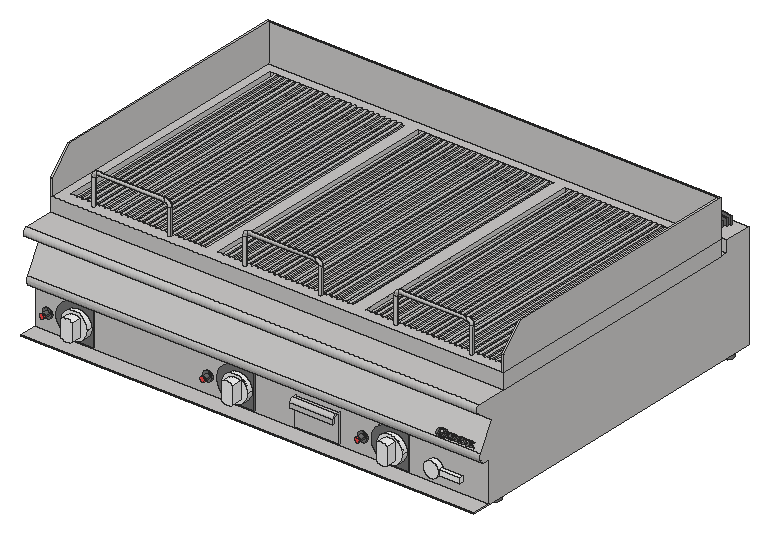
Revit family "QF_GIORIK_GL96TV", category Specialty Equipment, Revit 2014
Parameters (values of type "GL96TV")
  Weight in Pounds = 220.462
  Waste Water Discharge Temperature [instance] = 0 °C
  URL Cutsheet = "www.giorik.com"
  URL = "www.giorik.com"
  Status [instance] = ""
  Specification by User [instance] = ""
  Specification by Manufacturer = ""
  Show Logo [instance] = yes
  Show Clearance [instance] = yes
  Serial Number = ""
  Seismic Rating = ""
  SMACNA No = ""
  Revision Code [instance] = ""
  Plumbing Remarks [instance] = ""
  Plumbing Connection Type [instance] = ""
  NAFEM Spec ID Number = ""
  Model = "GL96TV"
  Masterspec = ""
  Manufacturer = "GIORIK"
  Item Number [instance] = ""
  Installed By [instance] = ""
  Indirect Waste Size = 2 1/2"
  Indirect Waste Flow = 0.0 L/s
  Indirect Waste Connection Type [instance] = ""
  Indirect Waste Connection Height [instance] = 20 mm
  Identify Quantity as Lot [instance] = no
  Gas Size = 1"
  Gas RI Height [instance] = 0 mm
  Gas KW = 33
  Gas Input = 33000 W
  Gas Connection Height [instance] = 20 mm
  Furnished By [instance] = ""
  Foodservice Equipment Identifier [instance] = yes
  Description = "GAS STEAMGRILL"
  Cold Water Temperature Recommended = 0 °C
  Cold Water Size = 1"
  Cold Water RI Height [instance] = 20 mm
  Cold Water Minimum Pressure = 20000.0 Pa
  Cold Water Maximum Pressure = 50000.0 Pa
  Cold Water Flow [instance] = 0.0 L/s
  Cold Water Consumption [instance] = ""
  Cold Water Connection Height [instance] = 20 mm
  CSI MasterFormat = ""
  Assembly Code = "E1090320"
Reference planes
  plane 1 "Back": y = 0
  plane 2: z = 0
  plane 3 "Left": x = 0
  plane 4 "Right": x = 1200
  plane 5 "Front": y = -920
  plane 6 "Top": z = 300
Forms (mm)
  Extrusion 1, solid, visible <- "Show Logo"
    sketch origin (986.604, -908.674, 117.684) x (-1, 0, 0) y (0, 0.515038, 0.857167)
      loop
        line (-118.824, 58.358) -> (-127.804, 58.358) -> (-125.523, 56.445) -> (-125.523, 48.027) -> (-127.804, 46.113) -> (-118.824, 46.113) -> (-121.105, 48.027) -> (-121.105, 56.445) -> (-118.824, 58.358)
      loop
        line (-163.721, 58.358) -> (-172.7, 58.358) -> (-170.42, 56.445) -> (-170.42, 48.027) -> (-172.7, 46.113) -> (-163.721, 46.113) -> (-166.001, 48.027) -> (-166.001, 56.445) -> (-163.721, 58.358)
      loop
        line (-174.332, 58.358) -> (-183.312, 58.358) -> (-181.031, 56.445) -> (-181.031, 52.435) -> (-186.419, 56.955) -> (-184.416, 58.358) -> (-191.268, 58.358) -> (-188.01, 56.839) -> (-185.455, 54.283) -> (-190.846, 47.858) -> (-193.396, 46.93) -> (-193.396, 46.113) -> (-184.416, 46.113) -> (-185.437, 47.571) -> (-182.443, 51.552) -> (-181.031, 50.894) -> (-181.031, 48.027) -> (-183.312, 46.113) -> (-174.332, 46.113) -> (-176.613, 48.027) -> (-176.613, 56.445) -> (-174.332, 58.358)
      loop
        line (-115.429, 62.063) -> (-115.429, 54.198)
        arc (-115.429, 54.198) -> (-111.618, 57.803) -> (-106.847, 59.986) r 16.039
        arc (-106.847, 59.986) -> (-103.314, 59.837) -> (-100.512, 57.68) r 5.851
        arc (-100.512, 57.68) -> (-98.815, 52.267) -> (-100.512, 46.853) r 9.479
        arc (-100.512, 46.853) -> (-102.406, 44.986) -> (-104.846, 43.93) r 7.236
        arc (-104.846, 43.93) -> (-107.728, 44.111) -> (-110.052, 45.825) r 5.11
        line (-110.052, 45.825) -> (-110.052, 52.001) -> (-116.141, 52.001) -> (-116.141, 45.503) -> (-117.893, 43.751) -> (-114.094, 44.769)
        arc (-114.094, 44.769) -> (-112.56, 44.947) -> (-111.129, 44.366) r 3.115
        arc (-111.129, 44.366) -> (-104.216, 42.091) -> (-97.303, 44.366) r 11.641
        arc (-97.303, 44.366) -> (-93.396, 52.107) -> (-97.303, 59.849) r 9.622
        arc (-97.303, 59.849) -> (-104.369, 62.174) -> (-111.435, 59.849) r 11.898
        line (-111.435, 59.849) -> (-115.429, 62.063)
      loop
        arc (-129.234, 56.068) -> (-135.893, 58.628) -> (-142.552, 56.068) r 9.941
        arc (-142.552, 56.068) -> (-144.234, 52.286) -> (-142.552, 48.505) r 5.093
        arc (-142.552, 48.505) -> (-135.893, 45.945) -> (-129.234, 48.505) r 9.941
        arc (-129.234, 48.505) -> (-127.552, 52.286) -> (-129.234, 56.068) r 5.093
      loop
        arc (-132.628, 54.403) -> (-135.893, 57.668) -> (-139.158, 54.403) r 3.265
        line (-139.158, 54.403) -> (-139.158, 50.169)
        arc (-139.158, 50.169) -> (-135.893, 46.904) -> (-132.628, 50.169) r 3.265
        line (-132.628, 50.169) -> (-132.628, 54.403)
      loop
        arc (-156.363, 58.365) -> (-159.647, 55.081) -> (-156.363, 51.796) r 3.285
        line (-156.363, 51.796) -> (-159.529, 47.306) -> (-162.087, 46.113) -> (-155.847, 46.113) -> (-153.529, 51.083) -> (-150.637, 51.083) -> (-150.637, 47.784) -> (-153.022, 46.113) -> (-144.011, 46.113) -> (-146.094, 47.68) -> (-146.094, 56.493) -> (-144.229, 58.365) -> (-156.363, 58.365)
      loop
        line (-150.637, 57.512) -> (-153.637, 57.512)
        arc (-153.637, 57.512) -> (-156.237, 54.912) -> (-153.637, 52.312) r 2.6
        line (-153.637, 52.312) -> (-150.637, 52.312) -> (-150.637, 57.512)
      loop
        line (-108.924, 52.001) -> (-104.936, 49.005) -> (-100.948, 52.001) -> (-108.924, 52.001)
    from 1.5 to -0.5
  Extrusion 2, solid
    sketch origin (-4, 0, 5) x (1, 0, 0) y (0, 1, 0)
      loop
        circle (54, -385) r 12.5
    from 0 to 15
  Extrusion 3, solid
    sketch origin (0, 800, -620) x (0, 1, 0) y (0, 0, 1)
      loop
        line (-800, 919.988) -> (-870, 919.988) -> (-870, 889.988) -> (-1688.806, 889.988)
        arc (-1688.806, 889.988) -> (-1699.151, 883.075) -> (-1696.724, 870.873) r 11.197
        line (-1696.724, 870.873) -> (-1647.575, 836.458) -> (-1686.203, 772.171)
        arc (-1686.203, 772.171) -> (-1687.435, 755.768) -> (-1675, 745) r 18.302
        line (-1675, 745) -> (-1660, 745) -> (-1660, 640) -> (-800, 640) -> (-800, 919.988)
    from 0 to 1200
  Extrusion 4, solid
    sketch origin (-308.221, -812, -651.25) x (1, 0, 0) y (0, 0, 1)
      loop
        line (463.221, 676.25) -> (463.221, 766.25) -> (409.698, 766.25)
        arc (409.698, 766.25) -> (364.698, 721.25) -> (409.698, 676.25) r 45
        line (409.698, 676.25) -> (463.221, 676.25)
    from 48 to 50
  Extrusion 5, solid
    sketch origin (466.331, -860.641, -651.634) x (-1, 0, 0) y (0, -0.000888, -1)
      loop
        circle (351.331, -721.346) r 35
    from 0 to 15
  Extrusion 6, solid
    sketch origin (466.331, -860.641, -651.634) x (-1, 0, 0) y (0, -0.000888, -1)
      loop
        arc (336.331, -743.846) -> (351.331, -748.846) -> (366.331, -743.846) r 25
        line (366.331, -743.846) -> (366.331, -698.846)
        arc (366.331, -698.846) -> (351.331, -693.846) -> (336.331, -698.846) r 25
        line (336.331, -698.846) -> (336.331, -743.846)
    from 15 to 40
  Extrusion 7, solid
    sketch origin (-94, 0, -610.001) x (1, 0, 0) y (0, 0, 1)
      loop
        line (135, 909.989) -> (453, 909.989) -> (453, 925.527) -> (347.056, 931.749) -> (240.944, 931.749) -> (135, 925.527) -> (135, 909.989)
    from 32 to 35
  Extrusion 8, solid
    sketch origin (-92, 10, -610.001) x (1, 0, 0) y (0, 0, 1)
      loop
        line (454, 909.989) -> (454, 928.527) -> (346.162, 939.193) -> (237.838, 939.193) -> (130, 928.527) -> (130, 909.989) -> (454, 909.989)
    from 32 to 35
  Extrusion 9, solid
    sketch origin (-90, 20, -610.001) x (1, 0, 0) y (0, 0, 1)
      loop
        line (455, 909.989) -> (455, 930.527) -> (345.396, 947.413) -> (234.604, 947.413) -> (125, 930.527) -> (125, 909.989) -> (455, 909.989)
    from 32 to 35
  Extrusion 10, solid
    sketch origin (0, -200, -600) x (0, 1, 0) y (0, 0, 1)
      loop
        line (110, 909.988) -> (110, 1009.988) -> (-551.877, 1009.988) -> (-610, 951.864) -> (-610, 909.988) -> (110, 909.988)
    from 0 to 5
  Extrusion 11, solid
    sketch origin (0, -90, -600) x (1, 0, 0) y (0, 0, 1)
      loop
        line (5, 1009.988) -> (5, 909.988) -> (1195, 909.988) -> (1195, 1009.988) -> (5, 1009.988)
    from 0 to 5
  Sweep 12, solid
    path origin (32.128, -787.463, 1256.207) x (0, 0, 1) y (-1, 0, 0)
      loop
        line (-946.207, -65.372) -> (-876.207, -65.372)
        arc (-876.207, -65.372) -> (-869.136, -68.301) -> (-866.207, -75.372) r 10
        line (-866.207, -75.372) -> (-866.207, -255.372)
        arc (-866.207, -255.372) -> (-869.136, -262.443) -> (-876.207, -265.372) r 10
        line (-876.207, -265.372) -> (-946.207, -265.372)
    profile origin (97.5, -787.463, 345) x (-1, 0, 0) y (0, -1, 0)
      loop
        circle (0, 0) r 4
  Extrusion 13, solid
    sketch origin (1411.331, -860, -661.247) x (-1, 0, 0) y (0, 0, -1)
      loop
        circle (351.331, -721.221) r 20
    from 0 to 15
  Extrusion 14, solid
    sketch origin (780, -864, -662.044) x (1, 0, 0) y (0, 0, 1)
      loop
        line (275.18, 729.518) -> (275.18, 714.518) -> (355.18, 714.518) -> (355.18, 729.518) -> (275.18, 729.518)
    from 0 to 10
  Extrusion 15, solid
    sketch origin (552.347, -900, -540.1) x (0, 1, 0) y (0, 0, 1)
      loop
        line (40, 640.1) -> (30, 640.1)
        arc (30, 640.1) -> (22.929, 637.171) -> (20, 630.1) r 10
        line (20, 630.1) -> (20, 620.1) -> (22, 620.1) -> (22, 630.1)
        arc (22, 630.1) -> (24.343, 635.757) -> (30, 638.1) r 8
        line (30, 638.1) -> (38, 638.1) -> (38, 565.1) -> (40, 565.1) -> (40, 640.1)
    from 137.5 to 252.5
  Extrusion 16, solid
    sketch origin (422, 0, -25) x (0, 1, 0) y (-1, 0, 0)
      loop
        circle (-185, -308) r 12.7
    from 30 to 45
  Extrusion 17, solid
    sketch origin (831.75, -293, -25) x (0, 1, 0) y (-1, 0, 0)
      loop
        circle (-185, -308) r 6.35
    from 30 to 45
  Extrusion 18, solid
    sketch origin (0, -200, 300) x (0, 1, 0) y (-1, 0, 0)
      loop
        line (110, 0) -> (-610, 0) -> (-610, -1200) -> (110, -1200) -> (110, 0)
      loop
        line (80, -30) -> (-580, -30) -> (-580, -390) -> (80, -390) -> (80, -30)
      loop
        line (79.933, -420) -> (-580, -420) -> (-580, -780) -> (79.933, -780) -> (79.933, -420)
      loop
        line (80.011, -810) -> (-580, -810) -> (-580, -1170) -> (80.011, -1170) -> (80.011, -810)
    from -30.012 to 9.988
  Extrusion 19, solid
    sketch origin (-5, -200, -600) x (1, 0, 0) y (0, 0, 1)
      loop
        circle (50, 906.988) r 3
    from -80 to 580
  Extrusion 20, solid
    sketch origin (10, -200, -600) x (1, 0, 0) y (0, 0, 1)
      loop
        circle (50, 906.988) r 3
    from -80 to 580
  Extrusion 21, solid
    sketch origin (25, -200, -600) x (1, 0, 0) y (0, 0, 1)
      loop
        circle (50, 906.988) r 3
    from -80 to 580
  Extrusion 22, solid
    sketch origin (40, -200, -600) x (1, 0, 0) y (0, 0, 1)
      loop
        circle (50, 906.988) r 3
    from -80 to 580
  Extrusion 23, solid
    sketch origin (55, -200, -600) x (1, 0, 0) y (0, 0, 1)
      loop
        circle (50, 906.988) r 3
    from -80 to 580
  Extrusion 24, solid
    sketch origin (70, -200, -600) x (1, 0, 0) y (0, 0, 1)
      loop
        circle (50, 906.988) r 3
    from -80 to 580
  Extrusion 25, solid
    sketch origin (85, -200, -600) x (1, 0, 0) y (0, 0, 1)
      loop
        circle (50, 906.988) r 3
    from -80 to 580
  Extrusion 26, solid
    sketch origin (100, -200, -600) x (1, 0, 0) y (0, 0, 1)
      loop
        circle (50, 906.988) r 3
    from -80 to 580
  Extrusion 27, solid
    sketch origin (115, -200, -600) x (1, 0, 0) y (0, 0, 1)
      loop
        circle (50, 906.988) r 3
    from -80 to 580
  Extrusion 28, solid
    sketch origin (130, -200, -600) x (1, 0, 0) y (0, 0, 1)
      loop
        circle (50, 906.988) r 3
    from -80 to 580
  Extrusion 29, solid
    sketch origin (145, -200, -600) x (1, 0, 0) y (0, 0, 1)
      loop
        circle (50, 906.988) r 3
    from -80 to 580
  Extrusion 30, solid
    sketch origin (160, -200, -600) x (1, 0, 0) y (0, 0, 1)
      loop
        circle (50, 906.988) r 3
    from -80 to 580
  Extrusion 31, solid
    sketch origin (175, -200, -600) x (1, 0, 0) y (0, 0, 1)
      loop
        circle (50, 906.988) r 3
    from -80 to 580
  Extrusion 32, solid
    sketch origin (190, -200, -600) x (1, 0, 0) y (0, 0, 1)
      loop
        circle (50, 906.988) r 3
    from -80 to 580
  Extrusion 33, solid
    sketch origin (205, -200, -600) x (1, 0, 0) y (0, 0, 1)
      loop
        circle (50, 906.988) r 3
    from -80 to 580
  Extrusion 34, solid
    sketch origin (220, -200, -600) x (1, 0, 0) y (0, 0, 1)
      loop
        circle (50, 906.988) r 3
    from -80 to 580
  Extrusion 35, solid
    sketch origin (235, -200, -600) x (1, 0, 0) y (0, 0, 1)
      loop
        circle (50, 906.988) r 3
    from -80 to 580
  Extrusion 36, solid
    sketch origin (250, -200, -600) x (1, 0, 0) y (0, 0, 1)
      loop
        circle (50, 906.988) r 3
    from -80 to 580
  Extrusion 37, solid
    sketch origin (265, -200, -600) x (1, 0, 0) y (0, 0, 1)
      loop
        circle (50, 906.988) r 3
    from -80 to 580
  Extrusion 38, solid
    sketch origin (280, -200, -600) x (1, 0, 0) y (0, 0, 1)
      loop
        circle (50, 906.988) r 3
    from -80 to 580
  Extrusion 39, solid
    sketch origin (295, -200, -600) x (1, 0, 0) y (0, 0, 1)
      loop
        circle (50, 906.988) r 3
    from -80 to 580
  Extrusion 40, solid
    sketch origin (0, -860, -600) x (1, 0, 0) y (0, 0, 1)
      loop
        line (0, 620) -> (1200, 620) -> (1200, 622) -> (0, 622) -> (0, 620)
    from 0 to 50
  Extrusion 41, solid
    sketch origin (-6.142, -835.246, -647.152) x (1, 0, 0) y (0, 0.000339, 1)
      loop
        circle (38.702, 711.666) r 12.5
    from 25 to 27
  Extrusion 42, solid
    sketch origin (-732.35, -862.248, -653.566) x (1, 0, 0) y (0, 0.000339, 1)
      loop
        circle (764.91, 718.089) r 6
    from 0 to 15
  Extrusion 43, solid
    sketch origin (-732.35, -863.41, -653.565) x (1, 0, 0) y (0, 0.000339, 1)
      loop
        circle (764.91, 718.089) r 6
    from 13.838 to 15.838
  Extrusion 44, solid
    sketch origin (1195, -200, -600) x (0, 1, 0) y (0, 0, 1)
      loop
        line (110, 909.988) -> (110, 1009.988) -> (-551.877, 1009.988) -> (-610, 951.864) -> (-610, 909.988) -> (110, 909.988)
    from 0 to 5
  Extrusion 45, solid
    sketch origin (306, 0, -610.001) x (1, 0, 0) y (0, 0, 1)
      loop
        line (135, 909.989) -> (453, 909.989) -> (453, 925.527) -> (347.056, 931.749) -> (240.944, 931.749) -> (135, 925.527) -> (135, 909.989)
    from 32 to 35
  Extrusion 46, solid
    sketch origin (308, 10, -610.001) x (1, 0, 0) y (0, 0, 1)
      loop
        line (454, 909.989) -> (454, 928.527) -> (346.162, 939.193) -> (237.838, 939.193) -> (130, 928.527) -> (130, 909.989) -> (454, 909.989)
    from 32 to 35
  Extrusion 47, solid
    sketch origin (310, 20, -610.001) x (1, 0, 0) y (0, 0, 1)
      loop
        line (455, 909.989) -> (455, 930.527) -> (345.396, 947.413) -> (234.604, 947.413) -> (125, 930.527) -> (125, 909.989) -> (455, 909.989)
    from 32 to 35
  Sweep 48, solid
    path origin (432.128, -787.463, 1256.207) x (0, 0, 1) y (-1, 0, 0)
      loop
        line (-946.207, -65.372) -> (-876.207, -65.372)
        arc (-876.207, -65.372) -> (-869.136, -68.301) -> (-866.207, -75.372) r 10
        line (-866.207, -75.372) -> (-866.207, -255.372)
        arc (-866.207, -255.372) -> (-869.136, -262.443) -> (-876.207, -265.372) r 10
        line (-876.207, -265.372) -> (-946.207, -265.372)
    profile origin (497.5, -787.463, 345) x (-1, 0, 0) y (0, -1, 0)
      loop
        circle (0, 0) r 4
  Extrusion 49, solid
    sketch origin (310, -200, -600) x (1, 0, 0) y (0, 0, 1)
      loop
        circle (50, 906.988) r 3
    from -80 to 580
  Extrusion 50, solid
    sketch origin (306, 0, -610.001) x (1, 0, 0) y (0, 0, 1)
      loop
        line (135, 909.989) -> (453, 909.989) -> (453, 925.527) -> (347.056, 931.749) -> (240.944, 931.749) -> (135, 925.527) -> (135, 909.989)
    from 32 to 35
  Extrusion 51, solid
    sketch origin (308, 10, -610.001) x (1, 0, 0) y (0, 0, 1)
      loop
        line (454, 909.989) -> (454, 928.527) -> (346.162, 939.193) -> (237.838, 939.193) -> (130, 928.527) -> (130, 909.989) -> (454, 909.989)
    from 32 to 35
  Extrusion 52, solid
    sketch origin (310, 20, -610.001) x (1, 0, 0) y (0, 0, 1)
      loop
        line (455, 909.989) -> (455, 930.527) -> (345.396, 947.413) -> (234.604, 947.413) -> (125, 930.527) -> (125, 909.989) -> (455, 909.989)
    from 32 to 35
  Extrusion 53, solid
    sketch origin (116.779, -812, -651.25) x (1, 0, 0) y (0, 0, 1)
      loop
        line (463.221, 676.25) -> (463.221, 766.25) -> (409.698, 766.25)
        arc (409.698, 766.25) -> (364.698, 721.25) -> (409.698, 676.25) r 45
        line (409.698, 676.25) -> (463.221, 676.25)
    from 48 to 50
  Extrusion 54, solid
    sketch origin (891.331, -860.641, -651.634) x (-1, 0, 0) y (0, -0.000888, -1)
      loop
        circle (351.331, -721.346) r 35
    from 0 to 15
  Extrusion 55, solid
    sketch origin (891.331, -860.641, -651.634) x (-1, 0, 0) y (0, -0.000888, -1)
      loop
        arc (336.331, -743.846) -> (351.331, -748.846) -> (366.331, -743.846) r 25
        line (366.331, -743.846) -> (366.331, -698.846)
        arc (366.331, -698.846) -> (351.331, -693.846) -> (336.331, -698.846) r 25
        line (336.331, -698.846) -> (336.331, -743.846)
    from 15 to 40
  Extrusion 56, solid
    sketch origin (418.858, -835.246, -647.152) x (1, 0, 0) y (0, 0.000339, 1)
      loop
        circle (38.702, 711.666) r 12.5
    from 25 to 27
  Extrusion 57, solid
    sketch origin (-307.35, -862.248, -653.566) x (1, 0, 0) y (0, 0.000339, 1)
      loop
        circle (764.91, 718.089) r 6
    from 0 to 15
  Extrusion 58, solid
    sketch origin (-307.35, -863.41, -653.565) x (1, 0, 0) y (0, 0.000339, 1)
      loop
        circle (764.91, 718.089) r 6
    from 13.838 to 15.838
  Extrusion 59, solid
    sketch origin (526.779, -812, -651.25) x (1, 0, 0) y (0, 0, 1)
      loop
        line (463.221, 676.25) -> (463.221, 766.25) -> (409.698, 766.25)
        arc (409.698, 766.25) -> (364.698, 721.25) -> (409.698, 676.25) r 45
        line (409.698, 676.25) -> (463.221, 676.25)
    from 48 to 50
  Extrusion 60, solid
    sketch origin (1301.331, -860.641, -651.634) x (-1, 0, 0) y (0, -0.000888, -1)
      loop
        circle (351.331, -721.346) r 35
    from 0 to 15
  Extrusion 61, solid
    sketch origin (1301.331, -860.641, -651.634) x (-1, 0, 0) y (0, -0.000888, -1)
      loop
        arc (336.331, -743.846) -> (351.331, -748.846) -> (366.331, -743.846) r 25
        line (366.331, -743.846) -> (366.331, -698.846)
        arc (366.331, -698.846) -> (351.331, -693.846) -> (336.331, -698.846) r 25
        line (336.331, -698.846) -> (336.331, -743.846)
    from 15 to 40
  Extrusion 62, solid
    sketch origin (828.858, -835.246, -647.152) x (1, 0, 0) y (0, 0.000339, 1)
      loop
        circle (38.702, 711.666) r 12.5
    from 25 to 27
  Extrusion 63, solid
    sketch origin (102.65, -862.248, -653.566) x (1, 0, 0) y (0, 0.000339, 1)
      loop
        circle (764.91, 718.089) r 6
    from 0 to 15
  Extrusion 64, solid
    sketch origin (102.65, -863.41, -653.565) x (1, 0, 0) y (0, 0.000339, 1)
      loop
        circle (764.91, 718.089) r 6
    from 13.838 to 15.838
  Extrusion 65, solid
    sketch origin (706, 0, -610.001) x (1, 0, 0) y (0, 0, 1)
      loop
        line (135, 909.989) -> (453, 909.989) -> (453, 925.527) -> (347.056, 931.749) -> (240.944, 931.749) -> (135, 925.527) -> (135, 909.989)
    from 32 to 35
  Extrusion 66, solid
    sketch origin (708, 10, -610.001) x (1, 0, 0) y (0, 0, 1)
      loop
        line (454, 909.989) -> (454, 928.527) -> (346.162, 939.193) -> (237.838, 939.193) -> (130, 928.527) -> (130, 909.989) -> (454, 909.989)
    from 32 to 35
  Extrusion 67, solid
    sketch origin (710, 20, -610.001) x (1, 0, 0) y (0, 0, 1)
      loop
        line (455, 909.989) -> (455, 930.527) -> (345.396, 947.413) -> (234.604, 947.413) -> (125, 930.527) -> (125, 909.989) -> (455, 909.989)
    from 32 to 35
  Sweep 68, solid
    path origin (832.128, -787.463, 1256.207) x (0, 0, 1) y (-1, 0, 0)
      loop
        line (-946.207, -65.372) -> (-876.207, -65.372)
        arc (-876.207, -65.372) -> (-869.136, -68.301) -> (-866.207, -75.372) r 10
        line (-866.207, -75.372) -> (-866.207, -255.372)
        arc (-866.207, -255.372) -> (-869.136, -262.443) -> (-876.207, -265.372) r 10
        line (-876.207, -265.372) -> (-946.207, -265.372)
    profile origin (897.5, -787.463, 345) x (-1, 0, 0) y (0, -1, 0)
      loop
        circle (0, 0) r 4
  Extrusion 69, solid
    sketch origin (706, 0, -610.001) x (1, 0, 0) y (0, 0, 1)
      loop
        line (135, 909.989) -> (453, 909.989) -> (453, 925.527) -> (347.056, 931.749) -> (240.944, 931.749) -> (135, 925.527) -> (135, 909.989)
    from 32 to 35
  Extrusion 70, solid
    sketch origin (708, 10, -610.001) x (1, 0, 0) y (0, 0, 1)
      loop
        line (454, 909.989) -> (454, 928.527) -> (346.162, 939.193) -> (237.838, 939.193) -> (130, 928.527) -> (130, 909.989) -> (454, 909.989)
    from 32 to 35
  Extrusion 71, solid
    sketch origin (710, 20, -610.001) x (1, 0, 0) y (0, 0, 1)
      loop
        line (455, 909.989) -> (455, 930.527) -> (345.396, 947.413) -> (234.604, 947.413) -> (125, 930.527) -> (125, 909.989) -> (455, 909.989)
    from 32 to 35
  Extrusion 72, solid
    sketch origin (706, 0, -610.001) x (1, 0, 0) y (0, 0, 1)
      loop
        line (135, 909.989) -> (453, 909.989) -> (453, 925.527) -> (347.056, 931.749) -> (240.944, 931.749) -> (135, 925.527) -> (135, 909.989)
    from 32 to 35
  Extrusion 73, solid
    sketch origin (708, 10, -610.001) x (1, 0, 0) y (0, 0, 1)
      loop
        line (454, 909.989) -> (454, 928.527) -> (346.162, 939.193) -> (237.838, 939.193) -> (130, 928.527) -> (130, 909.989) -> (454, 909.989)
    from 32 to 35
  Extrusion 74, solid
    sketch origin (710, 20, -610.001) x (1, 0, 0) y (0, 0, 1)
      loop
        line (455, 909.989) -> (455, 930.527) -> (345.396, 947.413) -> (234.604, 947.413) -> (125, 930.527) -> (125, 909.989) -> (455, 909.989)
    from 32 to 35
  Extrusion 75, solid
    sketch origin (706, 0, -610.001) x (1, 0, 0) y (0, 0, 1)
      loop
        line (135, 909.989) -> (453, 909.989) -> (453, 925.527) -> (347.056, 931.749) -> (240.944, 931.749) -> (135, 925.527) -> (135, 909.989)
    from 32 to 35
  Extrusion 76, solid
    sketch origin (708, 10, -610.001) x (1, 0, 0) y (0, 0, 1)
      loop
        line (454, 909.989) -> (454, 928.527) -> (346.162, 939.193) -> (237.838, 939.193) -> (130, 928.527) -> (130, 909.989) -> (454, 909.989)
    from 32 to 35
  Extrusion 77, solid
    sketch origin (710, 20, -610.001) x (1, 0, 0) y (0, 0, 1)
      loop
        line (455, 909.989) -> (455, 930.527) -> (345.396, 947.413) -> (234.604, 947.413) -> (125, 930.527) -> (125, 909.989) -> (455, 909.989)
    from 32 to 35
  Extrusion 78, solid
    sketch origin (325, -200, -600) x (1, 0, 0) y (0, 0, 1)
      loop
        circle (50, 906.988) r 3
    from -80 to 580
  Extrusion 79, solid
    sketch origin (385, -200, -600) x (1, 0, 0) y (0, 0, 1)
      loop
        circle (50, 906.988) r 3
    from -80 to 580
  Extrusion 80, solid
    sketch origin (400, -200, -600) x (1, 0, 0) y (0, 0, 1)
      loop
        circle (50, 906.988) r 3
    from -80 to 580
  Extrusion 81, solid
    sketch origin (415, -200, -600) x (1, 0, 0) y (0, 0, 1)
      loop
        circle (50, 906.988) r 3
    from -80 to 580
  Extrusion 82, solid
    sketch origin (430, -200, -600) x (1, 0, 0) y (0, 0, 1)
      loop
        circle (50, 906.988) r 3
    from -80 to 580
  Extrusion 83, solid
    sketch origin (445, -200, -600) x (1, 0, 0) y (0, 0, 1)
      loop
        circle (50, 906.988) r 3
    from -80 to 580
  Extrusion 84, solid
    sketch origin (460, -200, -600) x (1, 0, 0) y (0, 0, 1)
      loop
        circle (50, 906.988) r 3
    from -80 to 580
  Extrusion 85, solid
    sketch origin (475, -200, -600) x (1, 0, 0) y (0, 0, 1)
      loop
        circle (50, 906.988) r 3
    from -80 to 580
  Extrusion 86, solid
    sketch origin (490, -200, -600) x (1, 0, 0) y (0, 0, 1)
      loop
        circle (50, 906.988) r 3
    from -80 to 580
  Extrusion 87, solid
    sketch origin (505, -200, -600) x (1, 0, 0) y (0, 0, 1)
      loop
        circle (50, 906.988) r 3
    from -80 to 580
  Extrusion 88, solid
    sketch origin (520, -200, -600) x (1, 0, 0) y (0, 0, 1)
      loop
        circle (50, 906.988) r 3
    from -80 to 580
  Extrusion 89, solid
    sketch origin (535, -200, -600) x (1, 0, 0) y (0, 0, 1)
      loop
        circle (50, 906.988) r 3
    from -80 to 580
  Extrusion 90, solid
    sketch origin (550, -200, -600) x (1, 0, 0) y (0, 0, 1)
      loop
        circle (50, 906.988) r 3
    from -80 to 580
  Extrusion 91, solid
    sketch origin (565, -200, -600) x (1, 0, 0) y (0, 0, 1)
      loop
        circle (50, 906.988) r 3
    from -80 to 580
  Extrusion 92, solid
    sketch origin (580, -200, -600) x (1, 0, 0) y (0, 0, 1)
      loop
        circle (50, 906.988) r 3
    from -80 to 580
  Extrusion 93, solid
    sketch origin (595, -200, -600) x (1, 0, 0) y (0, 0, 1)
      loop
        circle (50, 906.988) r 3
    from -80 to 580
  Extrusion 94, solid
    sketch origin (610, -200, -600) x (1, 0, 0) y (0, 0, 1)
      loop
        circle (50, 906.988) r 3
    from -80 to 580
  Extrusion 95, solid
    sketch origin (625, -200, -600) x (1, 0, 0) y (0, 0, 1)
      loop
        circle (50, 906.988) r 3
    from -80 to 580
  Extrusion 96, solid
    sketch origin (640, -200, -600) x (1, 0, 0) y (0, 0, 1)
      loop
        circle (50, 906.988) r 3
    from -80 to 580
  Extrusion 97, solid
    sketch origin (655, -200, -600) x (1, 0, 0) y (0, 0, 1)
      loop
        circle (50, 906.988) r 3
    from -80 to 580
  Extrusion 98, solid
    sketch origin (670, -200, -600) x (1, 0, 0) y (0, 0, 1)
      loop
        circle (50, 906.988) r 3
    from -80 to 580
  Extrusion 99, solid
    sketch origin (685, -200, -600) x (1, 0, 0) y (0, 0, 1)
      loop
        circle (50, 906.988) r 3
    from -80 to 580
  Extrusion 100, solid
    sketch origin (700, -200, -600) x (1, 0, 0) y (0, 0, 1)
      loop
        circle (50, 906.988) r 3
    from -80 to 580
  Extrusion 101, solid
    sketch origin (715, -200, -600) x (1, 0, 0) y (0, 0, 1)
      loop
        circle (50, 906.988) r 3
    from -80 to 580
  Extrusion 102, solid
    sketch origin (775, -200, -600) x (1, 0, 0) y (0, 0, 1)
      loop
        circle (50, 906.988) r 3
    from -80 to 580
  Extrusion 103, solid
    sketch origin (790, -200, -600) x (1, 0, 0) y (0, 0, 1)
      loop
        circle (50, 906.988) r 3
    from -80 to 580
  Extrusion 104, solid
    sketch origin (805, -200, -600) x (1, 0, 0) y (0, 0, 1)
      loop
        circle (50, 906.988) r 3
    from -80 to 580
  Extrusion 105, solid
    sketch origin (820, -200, -600) x (1, 0, 0) y (0, 0, 1)
      loop
        circle (50, 906.988) r 3
    from -80 to 580
  Extrusion 106, solid
    sketch origin (835, -200, -600) x (1, 0, 0) y (0, 0, 1)
      loop
        circle (50, 906.988) r 3
    from -80 to 580
  Extrusion 107, solid
    sketch origin (850, -200, -600) x (1, 0, 0) y (0, 0, 1)
      loop
        circle (50, 906.988) r 3
    from -80 to 580
  Extrusion 108, solid
    sketch origin (865, -200, -600) x (1, 0, 0) y (0, 0, 1)
      loop
        circle (50, 906.988) r 3
    from -80 to 580
  Extrusion 109, solid
    sketch origin (880, -200, -600) x (1, 0, 0) y (0, 0, 1)
      loop
        circle (50, 906.988) r 3
    from -80 to 580
  Extrusion 110, solid
    sketch origin (895, -200, -600) x (1, 0, 0) y (0, 0, 1)
      loop
        circle (50, 906.988) r 3
    from -80 to 580
  Extrusion 111, solid
    sketch origin (910, -200, -600) x (1, 0, 0) y (0, 0, 1)
      loop
        circle (50, 906.988) r 3
    from -80 to 580
  Extrusion 112, solid
    sketch origin (925, -200, -600) x (1, 0, 0) y (0, 0, 1)
      loop
        circle (50, 906.988) r 3
    from -80 to 580
  Extrusion 113, solid
    sketch origin (940, -200, -600) x (1, 0, 0) y (0, 0, 1)
      loop
        circle (50, 906.988) r 3
    from -80 to 580
  Extrusion 114, solid
    sketch origin (955, -200, -600) x (1, 0, 0) y (0, 0, 1)
      loop
        circle (50, 906.988) r 3
    from -80 to 580
  Extrusion 115, solid
    sketch origin (970, -200, -600) x (1, 0, 0) y (0, 0, 1)
      loop
        circle (50, 906.988) r 3
    from -80 to 580
  Extrusion 116, solid
    sketch origin (985, -200, -600) x (1, 0, 0) y (0, 0, 1)
      loop
        circle (50, 906.988) r 3
    from -80 to 580
  Extrusion 117, solid
    sketch origin (1000, -200, -600) x (1, 0, 0) y (0, 0, 1)
      loop
        circle (50, 906.988) r 3
    from -80 to 580
  Extrusion 118, solid
    sketch origin (1015, -200, -600) x (1, 0, 0) y (0, 0, 1)
      loop
        circle (50, 906.988) r 3
    from -80 to 580
  Extrusion 119, solid
    sketch origin (1030, -200, -600) x (1, 0, 0) y (0, 0, 1)
      loop
        circle (50, 906.988) r 3
    from -80 to 580
  Extrusion 120, solid
    sketch origin (1045, -200, -600) x (1, 0, 0) y (0, 0, 1)
      loop
        circle (50, 906.988) r 3
    from -80 to 580
  Extrusion 121, solid
    sketch origin (1060, -200, -600) x (1, 0, 0) y (0, 0, 1)
      loop
        circle (50, 906.988) r 3
    from -80 to 580
  Extrusion 122, solid
    sketch origin (1075, -200, -600) x (1, 0, 0) y (0, 0, 1)
      loop
        circle (50, 906.988) r 3
    from -80 to 580
  Extrusion 123, solid
    sketch origin (1090, -200, -600) x (1, 0, 0) y (0, 0, 1)
      loop
        circle (50, 906.988) r 3
    from -80 to 580
  Extrusion 124, solid
    sketch origin (1105, -200, -600) x (1, 0, 0) y (0, 0, 1)
      loop
        circle (50, 906.988) r 3
    from -80 to 580
  Sweep 125, solid
    path origin (832.128, -787.463, 1256.207) x (0, 0, 1) y (-1, 0, 0)
      loop
        line (-946.207, -65.372) -> (-876.207, -65.372)
        arc (-876.207, -65.372) -> (-869.136, -68.301) -> (-866.207, -75.372) r 10
        line (-866.207, -75.372) -> (-866.207, -255.372)
        arc (-866.207, -255.372) -> (-869.136, -262.443) -> (-876.207, -265.372) r 10
        line (-876.207, -265.372) -> (-946.207, -265.372)
    profile origin (897.5, -787.463, 345) x (-1, 0, 0) y (0, -1, 0)
      loop
        circle (0, 0) r 4
  Extrusion 126, solid
    sketch origin (543.603, 45.293, -30) x (0, 1, 0) y (-1, 0, 0)
      loop
        circle (-79.293, 516.603) r 5
    from 41.965 to 50
  Revolve 127, solid
    sketch origin (27, 49.943, -600) x (0, 1, 0) y (0, 0, 1)
      loop
        line (-83.943, 611.965) -> (-94.752, 611.965) -> (-97.943, 600) -> (-83.943, 600) -> (-83.943, 611.965)
      axis (-83.943, 611.965) -> (-83.943, 600)
    angle from 0 to 360
  Extrusion 128, solid
    sketch origin (656.397, 45.293, -30) x (0, 1, 0) y (-1, 0, 0)
      loop
        circle (-79.293, -516.603) r 5
    from 41.965 to 50
  Revolve 129, solid
    sketch origin (1173, 49.943, -600) x (0, 1, 0) y (0, 0, -1)
      loop
        line (-83.943, -611.965) -> (-83.943, -600) -> (-97.943, -600) -> (-94.752, -611.965) -> (-83.943, -611.965)
      axis (-83.943, -611.965) -> (-83.943, -600)
    angle from 0 to 360
  Extrusion 130, solid
    sketch origin (543.603, -724.674, -30) x (0, 1, 0) y (-1, 0, 0)
      loop
        circle (-79.293, 516.603) r 5
    from 41.965 to 50
  Revolve 131, solid
    sketch origin (27, -720.025, -600) x (0, 1, 0) y (0, 0, 1)
      loop
        line (-83.943, 611.965) -> (-94.752, 611.965) -> (-97.943, 600) -> (-83.943, 600) -> (-83.943, 611.965)
      axis (-83.943, 611.965) -> (-83.943, 600)
    angle from 0 to 360
  Extrusion 132, solid
    sketch origin (656.397, -724.674, -30) x (0, 1, 0) y (-1, 0, 0)
      loop
        circle (-79.293, -516.603) r 5
    from 41.965 to 50
  Revolve 133, solid
    sketch origin (1173, -720.025, -600) x (0, 1, 0) y (0, 0, -1)
      loop
        line (-83.943, -611.965) -> (-83.943, -600) -> (-97.943, -600) -> (-94.752, -611.965) -> (-83.943, -611.965)
      axis (-83.943, -611.965) -> (-83.943, -600)
    angle from 0 to 360
Lines and regions (mm)
  symbolic lines, style "200-EquipBorder-2D"
    curve 1: line (0, -920, 0) -> (1200, -920, 0)
    curve 2: line (1200, -920, 0) -> (1200, 0, 0)
    curve 3: line (1200, 0, 0) -> (0, 0, 0)
    curve 4: line (0, 0, 0) -> (0, -920, 0)
  symbolic lines, style "200-EquipInternal-2D"
    curve 5: line (0, -70, 300) -> (1200, -70, 300)
    curve 6: line (35, -12, 900) -> (365, -12, 900)
    curve 7: line (365, -12, 900) -> (365, -15, 900)
    curve 8: line (365, -15, 900) -> (35, -15, 900)
    curve 9: line (35, -15, 900) -> (35, -12, 900)
    curve 10: line (38, -22, 900) -> (362, -22, 900)
    curve 11: line (362, -22, 900) -> (362, -25, 900)
    curve 12: line (362, -25, 900) -> (38, -25, 900)
    curve 13: line (38, -25, 900) -> (38, -22, 900)
    curve 14: line (41, -32, 900) -> (359, -32, 900)
    curve 15: line (359, -32, 900) -> (359, -35, 900)
    curve 16: line (359, -35, 900) -> (41, -35, 900)
    curve 17: line (41, -35, 900) -> (41, -32, 900)
    curve 18: line (5, -95, 300) -> (1195, -95, 300)
    curve 19: line (0, -90, 300) -> (1200, -90, 300)
    curve 20: line (1200, -90, 300) -> (1200, -810, 300)
    curve 21: line (1195, -810, 300) -> (1195, -95, 300)
    curve 22: line (5, -95, 300) -> (5, -810, 300)
    curve 23: line (0, -810, 300) -> (0, -90, 300)
    curve 24: line (0, -810, 300) -> (1200, -810, 300)
    curve 25: line (30, -780, 300) -> (30, -120, 300)
    curve 26: line (390, -120, 300) -> (390, -780, 300)
    curve 27: line (132, -120, 300) -> (132, -780, 300)
    curve 28: line (42, -780, 300) -> (42, -120, 300)
    curve 29: line (48, -780, 300) -> (48, -120, 300)
    curve 30: line (57, -120, 300) -> (57, -780, 300)
    curve 31: line (57, -780, 300) -> (48, -780, 300)
    curve 32: line (42, -780, 300) -> (30, -780, 300)
    curve 33: line (30, -120, 300) -> (42, -120, 300)
    curve 34: line (48, -120, 300) -> (57, -120, 300)
    curve 35: line (63, -120, 300) -> (63, -780, 300)
    curve 36: line (63, -780, 300) -> (72, -780, 300)
    curve 37: line (72, -780, 300) -> (72, -120, 300)
    curve 38: line (72, -120, 300) -> (63, -120, 300)
    curve 39: line (78, -120, 300) -> (87, -120, 300)
    curve 40: line (87, -120, 300) -> (87, -780, 300)
    curve 41: line (87, -780, 300) -> (78, -780, 300)
    curve 42: line (78, -780, 300) -> (78, -120, 300)
    curve 43: line (93, -120, 300) -> (93, -780, 300)
    curve 44: line (93, -780, 300) -> (102, -780, 300)
    curve 45: line (102, -780, 300) -> (102, -120, 300)
    curve 46: line (102, -120, 300) -> (93, -120, 300)
    curve 47: line (108, -120, 300) -> (117, -120, 300)
    curve 48: line (117, -120, 300) -> (117, -780, 300)
    curve 49: line (117, -780, 300) -> (108, -780, 300)
    curve 50: line (108, -780, 300) -> (108, -120, 300)
    curve 51: line (132, -120, 300) -> (123, -120, 300)
    curve 52: line (123, -120, 300) -> (123, -780, 300)
    curve 53: line (123, -780, 300) -> (132, -780, 300)
    curve 54: line (138, -780, 300) -> (138, -120, 300)
    curve 55: line (138, -120, 300) -> (147, -120, 300)
    curve 56: line (147, -120, 300) -> (147, -780, 300)
    curve 57: line (147, -780, 300) -> (138, -780, 300)
    curve 58: line (153, -780, 300) -> (153, -120, 300)
    curve 59: line (153, -120, 300) -> (162, -120, 300)
    curve 60: line (162, -120, 300) -> (162, -780, 300)
    curve 61: line (162, -780, 300) -> (153, -780, 300)
    curve 62: line (168, -780, 300) -> (168, -120, 300)
    curve 63: line (168, -120, 300) -> (177, -120, 300)
    curve 64: line (177, -120, 300) -> (177, -780, 300)
    curve 65: line (177, -780, 300) -> (168, -780, 300)
    curve 66: line (183, -780, 300) -> (183, -120, 300)
    curve 67: line (183, -120, 300) -> (192, -120, 300)
    curve 68: line (192, -120, 300) -> (192, -780, 300)
    curve 69: line (192, -780, 300) -> (183, -780, 300)
    curve 70: line (198, -780, 300) -> (198, -120, 300)
    curve 71: line (198, -120, 300) -> (207, -120, 300)
    curve 72: line (207, -120, 300) -> (207, -780, 300)
    curve 73: line (207, -780, 300) -> (198, -780, 300)
    curve 74: line (213, -780, 300) -> (213, -120, 300)
    curve 75: line (213, -120, 300) -> (222, -120, 300)
    curve 76: line (222, -120, 300) -> (222, -780, 300)
    curve 77: line (222, -780, 300) -> (213, -780, 300)
    curve 78: line (228, -780, 300) -> (228, -120, 300)
    curve 79: line (228, -120, 300) -> (237, -120, 300)
    curve 80: line (237, -120, 300) -> (237, -780, 300)
    curve 81: line (237, -780, 300) -> (228, -780, 300)
    curve 82: line (243, -780, 300) -> (243, -120, 300)
    curve 83: line (243, -120, 300) -> (252, -120, 300)
    curve 84: line (252, -120, 300) -> (252, -780, 300)
    curve 85: line (252, -780, 300) -> (243, -780, 300)
    curve 86: line (258, -780, 300) -> (258, -120, 300)
    curve 87: line (258, -120, 300) -> (267, -120, 300)
    curve 88: line (267, -120, 300) -> (267, -780, 300)
    curve 89: line (267, -780, 300) -> (258, -780, 300)
    curve 90: line (273, -780, 300) -> (273, -120, 300)
    curve 91: line (273, -120, 300) -> (282, -120, 300)
    curve 92: line (282, -120, 300) -> (282, -780, 300)
    curve 93: line (282, -780, 300) -> (273, -780, 300)
    curve 94: line (288, -780, 300) -> (288, -120, 300)
    curve 95: line (288, -120, 300) -> (297, -120, 300)
    curve 96: line (297, -120, 300) -> (297, -780, 300)
    curve 97: line (297, -780, 300) -> (288, -780, 300)
    curve 98: line (303, -780, 300) -> (303, -120, 300)
    curve 99: line (303, -120, 300) -> (312, -120, 300)
    curve 100: line (312, -120, 300) -> (312, -780, 300)
    curve 101: line (312, -780, 300) -> (303, -780, 300)
    curve 102: line (318, -780, 300) -> (318, -120, 300)
    curve 103: line (318, -120, 300) -> (327, -120, 300)
    curve 104: line (327, -120, 300) -> (327, -780, 300)
    curve 105: line (327, -780, 300) -> (318, -780, 300)
    curve 106: line (333, -780, 300) -> (333, -120, 300)
    curve 107: line (333, -120, 300) -> (342, -120, 300)
    curve 108: line (342, -120, 300) -> (342, -780, 300)
    curve 109: line (342, -780, 300) -> (333, -780, 300)
    curve 110: line (348, -780, 300) -> (348, -120, 300)
    curve 111: line (97.5, -783.463, 300) -> (297.5, -783.463, 300)
    curve 112: line (297.5, -791.463, 300) -> (97.5, -791.463, 300)
    curve 113: arc (97.5, -783.463, 300) -> (93.5, -787.463, 300) -> (97.5, -791.463, 300) r 4
    curve 114: arc (297.5, -783.463, 300) -> (301.5, -787.463, 300) -> (297.5, -791.463, 300) r 4
    curve 115: line (697.5, -791.463, 300) -> (497.5, -791.463, 300)
    curve 116: line (497.5, -783.463, 300) -> (697.5, -783.463, 300)
    curve 117: arc (497.5, -783.463, 300) -> (493.5, -787.463, 300) -> (497.5, -791.463, 300) r 4
    curve 118: arc (697.5, -783.463, 300) -> (701.5, -787.463, 300) -> (697.5, -791.463, 300) r 4
    curve 119: line (435, -12, 900) -> (765, -12, 900)
    curve 120: line (765, -12, 900) -> (765, -15, 900)
    curve 121: line (765, -15, 900) -> (435, -15, 900)
    curve 122: line (435, -15, 900) -> (435, -12, 900)
    curve 123: line (438, -22, 900) -> (762, -22, 900)
    curve 124: line (762, -22, 900) -> (762, -25, 900)
    curve 125: line (762, -25, 900) -> (438, -25, 900)
    curve 126: line (438, -25, 900) -> (438, -22, 900)
    curve 127: line (441, -32, 900) -> (759, -32, 900)
    curve 128: line (759, -32, 900) -> (759, -35, 900)
    curve 129: line (759, -35, 900) -> (441, -35, 900)
    curve 130: line (441, -35, 900) -> (441, -32, 900)
    curve 131: line (835, -12, 900) -> (1165, -12, 900)
    curve 132: line (1165, -12, 900) -> (1165, -15, 900)
    curve 133: line (1165, -15, 900) -> (835, -15, 900)
    curve 134: line (835, -15, 900) -> (835, -12, 900)
    curve 135: line (838, -22, 900) -> (1162, -22, 900)
    curve 136: line (1162, -22, 900) -> (1162, -25, 900)
    curve 137: line (1162, -25, 900) -> (838, -25, 900)
    curve 138: line (838, -25, 900) -> (838, -22, 900)
    curve 139: line (841, -32, 900) -> (1159, -32, 900)
    curve 140: line (1159, -32, 900) -> (1159, -35, 900)
    curve 141: line (1159, -35, 900) -> (841, -35, 900)
    curve 142: line (841, -35, 900) -> (841, -32, 900)
    curve 143: line (348, -780, 300) -> (357, -780, 300)
    curve 144: line (357, -780, 300) -> (357, -120, 300)
    curve 145: line (357, -120, 300) -> (348, -120, 300)
    curve 146: line (363, -120, 300) -> (372, -120, 300)
    curve 147: line (372, -120, 300) -> (372, -780, 300)
    curve 148: line (372, -780, 300) -> (363, -780, 300)
    curve 149: line (363, -780, 300) -> (363, -120, 300)
    curve 150: line (390, -120, 300) -> (378, -120, 300)
    curve 151: line (378, -120, 300) -> (378, -780, 300)
    curve 152: line (378, -780, 300) -> (390, -780, 300)
    curve 153: line (420, -780, 300) -> (420, -120, 300)
    curve 154: line (780, -120, 300) -> (780, -780, 300)
    curve 155: line (522, -120, 300) -> (522, -780, 300)
    curve 156: line (432, -780, 300) -> (432, -120, 300)
    curve 157: line (438, -780, 300) -> (438, -120, 300)
    curve 158: line (447, -120, 300) -> (447, -780, 300)
    curve 159: line (447, -780, 300) -> (438, -780, 300)
    curve 160: line (432, -780, 300) -> (420, -780, 300)
    curve 161: line (420, -120, 300) -> (432, -120, 300)
    curve 162: line (438, -120, 300) -> (447, -120, 300)
    curve 163: line (453, -120, 300) -> (453, -780, 300)
    curve 164: line (453, -780, 300) -> (462, -780, 300)
    curve 165: line (462, -780, 300) -> (462, -120, 300)
    curve 166: line (462, -120, 300) -> (453, -120, 300)
    curve 167: line (468, -120, 300) -> (477, -120, 300)
    curve 168: line (477, -120, 300) -> (477, -780, 300)
    curve 169: line (477, -780, 300) -> (468, -780, 300)
    curve 170: line (468, -780, 300) -> (468, -120, 300)
    curve 171: line (483, -120, 300) -> (483, -780, 300)
    curve 172: line (483, -780, 300) -> (492, -780, 300)
    curve 173: line (492, -780, 300) -> (492, -120, 300)
    curve 174: line (492, -120, 300) -> (483, -120, 300)
    curve 175: line (498, -120, 300) -> (507, -120, 300)
    curve 176: line (507, -120, 300) -> (507, -780, 300)
    curve 177: line (507, -780, 300) -> (498, -780, 300)
    curve 178: line (498, -780, 300) -> (498, -120, 300)
    curve 179: line (522, -120, 300) -> (513, -120, 300)
    curve 180: line (513, -120, 300) -> (513, -780, 300)
    curve 181: line (513, -780, 300) -> (522, -780, 300)
    curve 182: line (528, -780, 300) -> (528, -120, 300)
    curve 183: line (528, -120, 300) -> (537, -120, 300)
    curve 184: line (537, -120, 300) -> (537, -780, 300)
    curve 185: line (537, -780, 300) -> (528, -780, 300)
    curve 186: line (543, -780, 300) -> (543, -120, 300)
    curve 187: line (543, -120, 300) -> (552, -120, 300)
    curve 188: line (552, -120, 300) -> (552, -780, 300)
    curve 189: line (552, -780, 300) -> (543, -780, 300)
    curve 190: line (558, -780, 300) -> (558, -120, 300)
    curve 191: line (558, -120, 300) -> (567, -120, 300)
    curve 192: line (567, -120, 300) -> (567, -780, 300)
    curve 193: line (567, -780, 300) -> (558, -780, 300)
    curve 194: line (573, -780, 300) -> (573, -120, 300)
    curve 195: line (573, -120, 300) -> (582, -120, 300)
    curve 196: line (582, -120, 300) -> (582, -780, 300)
    curve 197: line (582, -780, 300) -> (573, -780, 300)
    curve 198: line (588, -780, 300) -> (588, -120, 300)
    curve 199: line (588, -120, 300) -> (597, -120, 300)
    curve 200: line (597, -120, 300) -> (597, -780, 300)
    curve 201: line (597, -780, 300) -> (588, -780, 300)
    curve 202: line (603, -780, 300) -> (603, -120, 300)
    curve 203: line (603, -120, 300) -> (612, -120, 300)
    curve 204: line (612, -120, 300) -> (612, -780, 300)
    curve 205: line (612, -780, 300) -> (603, -780, 300)
    curve 206: line (618, -780, 300) -> (618, -120, 300)
    curve 207: line (618, -120, 300) -> (627, -120, 300)
    curve 208: line (627, -120, 300) -> (627, -780, 300)
    curve 209: line (627, -780, 300) -> (618, -780, 300)
    curve 210: line (633, -780, 300) -> (633, -120, 300)
    curve 211: line (633, -120, 300) -> (642, -120, 300)
    curve 212: line (642, -120, 300) -> (642, -780, 300)
    curve 213: line (642, -780, 300) -> (633, -780, 300)
    curve 214: line (648, -780, 300) -> (648, -120, 300)
    curve 215: line (648, -120, 300) -> (657, -120, 300)
    curve 216: line (657, -120, 300) -> (657, -780, 300)
    curve 217: line (657, -780, 300) -> (648, -780, 300)
    curve 218: line (663, -780, 300) -> (663, -120, 300)
    curve 219: line (663, -120, 300) -> (672, -120, 300)
    curve 220: line (672, -120, 300) -> (672, -780, 300)
    curve 221: line (672, -780, 300) -> (663, -780, 300)
    curve 222: line (678, -780, 300) -> (678, -120, 300)
    curve 223: line (678, -120, 300) -> (687, -120, 300)
    curve 224: line (687, -120, 300) -> (687, -780, 300)
    curve 225: line (687, -780, 300) -> (678, -780, 300)
    curve 226: line (693, -780, 300) -> (693, -120, 300)
    curve 227: line (693, -120, 300) -> (702, -120, 300)
    curve 228: line (702, -120, 300) -> (702, -780, 300)
    curve 229: line (702, -780, 300) -> (693, -780, 300)
    curve 230: line (708, -780, 300) -> (708, -120, 300)
    curve 231: line (708, -120, 300) -> (717, -120, 300)
    curve 232: line (717, -120, 300) -> (717, -780, 300)
    curve 233: line (717, -780, 300) -> (708, -780, 300)
    curve 234: line (723, -780, 300) -> (723, -120, 300)
    curve 235: line (723, -120, 300) -> (732, -120, 300)
    curve 236: line (732, -120, 300) -> (732, -780, 300)
    curve 237: line (732, -780, 300) -> (723, -780, 300)
    curve 238: line (738, -780, 300) -> (738, -120, 300)
    curve 239: line (738, -780, 300) -> (747, -780, 300)
    curve 240: line (747, -780, 300) -> (747, -120, 300)
    curve 241: line (747, -120, 300) -> (738, -120, 300)
    curve 242: line (753, -120, 300) -> (762, -120, 300)
    curve 243: line (762, -120, 300) -> (762, -780, 300)
    curve 244: line (762, -780, 300) -> (753, -780, 300)
    curve 245: line (753, -780, 300) -> (753, -120, 300)
    curve 246: line (780, -120, 300) -> (768, -120, 300)
    curve 247: line (768, -120, 300) -> (768, -780, 300)
    curve 248: line (768, -780, 300) -> (780, -780, 300)
    curve 249: line (810, -780, 300) -> (810, -120, 300)
    curve 250: line (1170, -120, 300) -> (1170, -780, 300)
    curve 251: line (912, -120, 300) -> (912, -780, 300)
    curve 252: line (822, -780, 300) -> (822, -120, 300)
    curve 253: line (828, -780, 300) -> (828, -120, 300)
    curve 254: line (837, -120, 300) -> (837, -780, 300)
    curve 255: line (837, -780, 300) -> (828, -780, 300)
    curve 256: line (822, -780, 300) -> (810, -780, 300)
    curve 257: line (810, -120, 300) -> (822, -120, 300)
    curve 258: line (828, -120, 300) -> (837, -120, 300)
    curve 259: line (843, -120, 300) -> (843, -780, 300)
    curve 260: line (843, -780, 300) -> (852, -780, 300)
    curve 261: line (852, -780, 300) -> (852, -120, 300)
    curve 262: line (852, -120, 300) -> (843, -120, 300)
    curve 263: line (858, -120, 300) -> (867, -120, 300)
    curve 264: line (867, -120, 300) -> (867, -780, 300)
    curve 265: line (867, -780, 300) -> (858, -780, 300)
    curve 266: line (858, -780, 300) -> (858, -120, 300)
    curve 267: line (873, -120, 300) -> (873, -780, 300)
    curve 268: line (873, -780, 300) -> (882, -780, 300)
    curve 269: line (882, -780, 300) -> (882, -120, 300)
    curve 270: line (882, -120, 300) -> (873, -120, 300)
    curve 271: line (888, -120, 300) -> (897, -120, 300)
    curve 272: line (897, -120, 300) -> (897, -780, 300)
    curve 273: line (897, -780, 300) -> (888, -780, 300)
    curve 274: line (888, -780, 300) -> (888, -120, 300)
    curve 275: line (912, -120, 300) -> (903, -120, 300)
    curve 276: line (903, -120, 300) -> (903, -780, 300)
    curve 277: line (903, -780, 300) -> (912, -780, 300)
    curve 278: line (918, -780, 300) -> (918, -120, 300)
    curve 279: line (918, -120, 300) -> (927, -120, 300)
    curve 280: line (927, -120, 300) -> (927, -780, 300)
    curve 281: line (927, -780, 300) -> (918, -780, 300)
    curve 282: line (933, -780, 300) -> (933, -120, 300)
    curve 283: line (933, -120, 300) -> (942, -120, 300)
    curve 284: line (942, -120, 300) -> (942, -780, 300)
    curve 285: line (942, -780, 300) -> (933, -780, 300)
    curve 286: line (948, -780, 300) -> (948, -120, 300)
    curve 287: line (948, -120, 300) -> (957, -120, 300)
    curve 288: line (957, -120, 300) -> (957, -780, 300)
    curve 289: line (957, -780, 300) -> (948, -780, 300)
    curve 290: line (963, -780, 300) -> (963, -120, 300)
    curve 291: line (963, -120, 300) -> (972, -120, 300)
    curve 292: line (972, -120, 300) -> (972, -780, 300)
    curve 293: line (972, -780, 300) -> (963, -780, 300)
    curve 294: line (978, -780, 300) -> (978, -120, 300)
    curve 295: line (978, -120, 300) -> (987, -120, 300)
    curve 296: line (987, -120, 300) -> (987, -780, 300)
    curve 297: line (987, -780, 300) -> (978, -780, 300)
    curve 298: line (993, -780, 300) -> (993, -120, 300)
    curve 299: line (993, -120, 300) -> (1002, -120, 300)
    curve 300: line (1002, -120, 300) -> (1002, -780, 300)
    curve 301: line (1002, -780, 300) -> (993, -780, 300)
    curve 302: line (1008, -780, 300) -> (1008, -120, 300)
    curve 303: line (1008, -120, 300) -> (1017, -120, 300)
    curve 304: line (1017, -120, 300) -> (1017, -780, 300)
    curve 305: line (1017, -780, 300) -> (1008, -780, 300)
    curve 306: line (1023, -780, 300) -> (1023, -120, 300)
    curve 307: line (1023, -120, 300) -> (1032, -120, 300)
    curve 308: line (1032, -120, 300) -> (1032, -780, 300)
    curve 309: line (1032, -780, 300) -> (1023, -780, 300)
    curve 310: line (1038, -780, 300) -> (1038, -120, 300)
    curve 311: line (1038, -120, 300) -> (1047, -120, 300)
    curve 312: line (1047, -120, 300) -> (1047, -780, 300)
    curve 313: line (1047, -780, 300) -> (1038, -780, 300)
    curve 314: line (1053, -780, 300) -> (1053, -120, 300)
    curve 315: line (1053, -120, 300) -> (1062, -120, 300)
    curve 316: line (1062, -120, 300) -> (1062, -780, 300)
    curve 317: line (1062, -780, 300) -> (1053, -780, 300)
    curve 318: line (1068, -780, 300) -> (1068, -120, 300)
    curve 319: line (1068, -120, 300) -> (1077, -120, 300)
    curve 320: line (1077, -120, 300) -> (1077, -780, 300)
    curve 321: line (1077, -780, 300) -> (1068, -780, 300)
    curve 322: line (1083, -780, 300) -> (1083, -120, 300)
    curve 323: line (1083, -120, 300) -> (1092, -120, 300)
    curve 324: line (1092, -120, 300) -> (1092, -780, 300)
    curve 325: line (1092, -780, 300) -> (1083, -780, 300)
    curve 326: line (1098, -780, 300) -> (1098, -120, 300)
    curve 327: line (1098, -120, 300) -> (1107, -120, 300)
    curve 328: line (1107, -120, 300) -> (1107, -780, 300)
    curve 329: line (1107, -780, 300) -> (1098, -780, 300)
    curve 330: line (1113, -780, 300) -> (1113, -120, 300)
    curve 331: line (1113, -120, 300) -> (1122, -120, 300)
    curve 332: line (1122, -120, 300) -> (1122, -780, 300)
    curve 333: line (1122, -780, 300) -> (1113, -780, 300)
    curve 334: line (1128, -780, 300) -> (1128, -120, 300)
    curve 335: line (1128, -780, 300) -> (1137, -780, 300)
    curve 336: line (1137, -780, 300) -> (1137, -120, 300)
    curve 337: line (1137, -120, 300) -> (1128, -120, 300)
    curve 338: line (1143, -120, 300) -> (1152, -120, 300)
    curve 339: line (1152, -120, 300) -> (1152, -780, 300)
    curve 340: line (1152, -780, 300) -> (1143, -780, 300)
    curve 341: line (1143, -780, 300) -> (1143, -120, 300)
    curve 342: line (1170, -120, 300) -> (1158, -120, 300)
    curve 343: line (1158, -120, 300) -> (1158, -780, 300)
    curve 344: line (1158, -780, 300) -> (1170, -780, 300)
    curve 345: line (1097.5, -791.463, 300) -> (897.5, -791.463, 300)
    curve 346: line (897.5, -783.463, 300) -> (1097.5, -783.463, 300)
    curve 347: arc (897.5, -783.463, 300) -> (893.5, -787.463, 300) -> (897.5, -791.463, 300) r 4
    curve 348: arc (1097.5, -783.463, 300) -> (1101.5, -787.463, 300) -> (1097.5, -791.463, 300) r 4
Dimensions and locks
  plane 3 "Left" to plane 4 "Right" = 1200 mm
  plane 5 "Front" to plane 1 "Back" = 920 mm
  plane 4 "Right" to plane 3 "Left" = 1200 mm
  plane 1 "Back" to plane 5 "Front" = 920 mm
  plane 6 "Top" to level = 300 mm  (x2)
  aligned and locked: level to plane 2
Connectors
  piping at (50, -385, 5), diameter 25.4, driven by "Gas Size"
    settings: on Extrusion 2, index 1, connector inside diameter 24", connector length 0 mm, flow factor 0, pipe flow 0.0 L/s, pressure drop 0.0 Pa, fitting loss kfactor 0, connector angle 0.00°, fixture units 0, engagement length 0 mm, angle of deflection 0.00°, flow configuration 1, flow direction 1, fitting loss method 0, system type 22, joint type 0, gender type 0, connector reference index -1, connector utility 0, adjustable connector no, is connector primary yes, connector description "Gas inlet"
  piping at (730, -185, 5), diameter 63.5, driven by "Indirect Waste Size", driven by "Indirect Waste Flow"
    settings: on Extrusion 16, index 2, connector inside diameter 24", connector length 0 mm, flow factor 0, pipe flow 0.0 L/s, pressure drop 0.0 Pa, fitting loss kfactor 0, connector angle 0.00°, fixture units 0, engagement length 0 mm, angle of deflection 0.00°, flow configuration 1, flow direction 2, fitting loss method 0, system type 16, joint type 0, gender type 0, connector reference index -1, connector utility 0, adjustable connector no, is connector primary no, connector description "Water drain"
  piping at (1139.75, -478, 5), diameter 25.4, driven by "Cold Water Size", driven by "Cold Water Flow"
    settings: on Extrusion 17, index 3, connector inside diameter 24", connector length 0 mm, flow factor 0, pipe flow 0.0 L/s, pressure drop 0.0 Pa, fitting loss kfactor 0, connector angle 0.00°, fixture units 0, engagement length 0 mm, angle of deflection 0.00°, flow configuration 1, flow direction 1, fitting loss method 0, system type 20, joint type 0, gender type 0, connector reference index -1, connector utility 0, adjustable connector no, is connector primary no, connector description "Water inlet"
